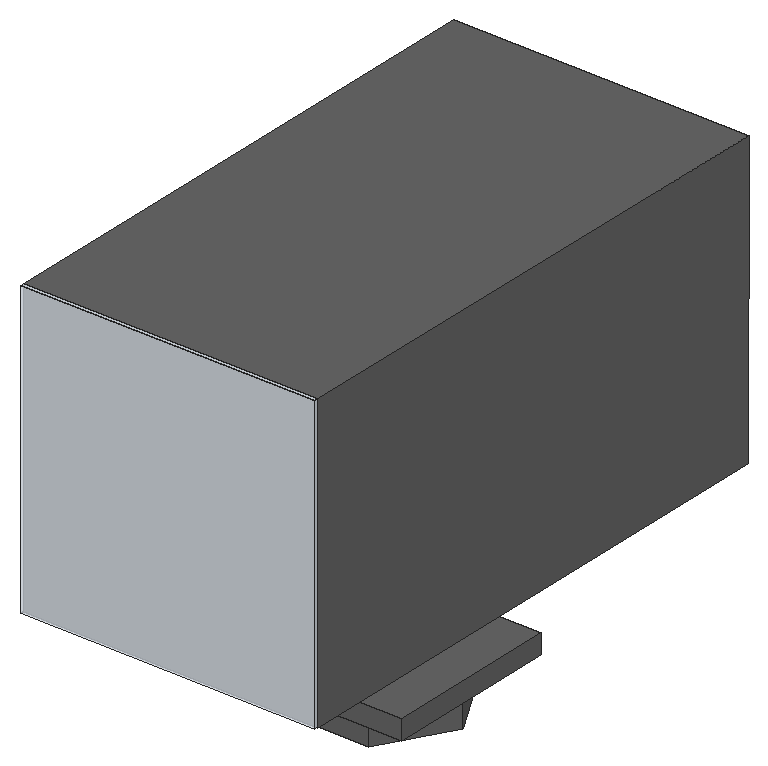
Revit family "LTC-6SQDPH-W", category Lighting Fixtures, host Face, Revit 2017
Family settings
  Host = Face
  Round Connector Dimension = Use Diameter
  Part Type = Normal
  OmniClass Number = 23.80.70.11.14.11
  OmniClass Title = Downlights
  Cut with Voids When Loaded = No
  Light Source = Yes
  Shared = No
  Room Calculation Point = No
Parameters (values of type "LTC-6SQDPH-W")
  Wattage Comments = "8-52W"  # constant formula
  Wattage = 70 W
  Warranty = "• 5 year warranty\r\n• See HLI Standard Warranty for\r\nadditional information"  # constant formula
  built-in parameter 1150110 = 1 (stored number, unit not read)
  Voltage = 120 V
  built-in parameter 1114217 = 1 (stored number, unit not read)
  Tilt Angle = -90.00°  # constant formula
  built-in parameter 1150109 = 1 (stored number, unit not read)
  built-in parameter 1150134 = 3
  built-in parameter 1150113 = 1 (stored number, unit not read)
  Recessed = yes
  Photometric Web File = "LTC-6SQDPH-P-20L35K8MD-PM-S-BL.ies"
  Features = "•\t6 inch architectural LED downlight cylinder delivering 600–2000 lm \r\n•\tFive beam distributions from 0.4 to 1.2 Spacing Criteria\r\n•\tQuiet reflector appearance with 50º optical cutoff\r\n•\t2700K - 5000K, 80+ and 90+ CRI options \r\n•\tAvailable in Surface, Wall, Pendant, or Cable/Cord Mount configurations\r\n•\tVersatile canopy options for recessed and surface-mounted J-box applications \r\n•\tPowerHUBB™ enables low-voltage wired connectivity for Power over Ethernet (PoE) network system deployment\r\n"  # constant formula
  built-in parameter 1150105 = -12994800 (stored number, unit not read)
  Lumens = 4900 lm
  built-in parameter 1150115 = 1 (stored number, unit not read)
  built-in parameter 1150137 = (empty or 0)
  built-in parameter 1150139 = (empty or 0)
  built-in parameter 1150112 = 1 (stored number, unit not read)
  built-in parameter 1150114 = 1 (stored number, unit not read)
  built-in parameter 1150132 = (empty or 0)
  built-in parameter 1150102 = (empty or 0)
  built-in parameter 1150107 = 3200 (stored number, unit not read)
  built-in parameter 1150138 = (empty or 0)
  built-in parameter 1150106 = -129948 (stored number, unit not read)
  Emit from Rectangle Width = 7.500"  # constant formula
  Emit from Rectangle Length = 7.500"  # constant formula
  Emit Shape Visible in Rendering = no
  built-in parameter 1150104 = 6.5032 (stored number, unit not read)
  Distance = 10.470"
  Dimming Lamp Color Temperature Shift = <None>
  Copyright = "© 2021 Prescolite, a division of Hubbell Lighting, Inc"  # constant formula
  Contact us = "https://www.hubbell.com/prescolite/en/contactUs"
  Color Filter = 16777215
  Certifications = "• cCSAus certified to UL 1598\r\n• Wall Mount: Suitable for wet locations\r\n• Surface & Pendant Mount: Suitable for wet\r\nlocations under covered ceiling\r\n• Cord Mount and all Wall Wash: Suitable for\r\ndamp locations"  # constant formula
  Canopy Height = 0.500"
  Canopy Distance = 4.500"
  built-in parameter 1114218 = 1 (stored number, unit not read)
  Ballast = Paint - Hubbell - Carbon Black
  URL = "http://www.prescolite.com/"
  Product Page URL = "https://www.hubbell.com/prescolite/en/Products/Lighting-Controls/Commercial-Indoor-Lighting/Cylinder/LITEISTRY-6-Square-Cylinder-Downlight-wPowerHUBB/p/3775909"
  Product Documentation Link = "https://hubbellcdn.com/specsheet/LTC-6SQDPH%20PowerHUBB.pdf"
  Model = "LTC-6SQDPH"  # constant formula
  Manufacturer = "Prescolite"  # constant formula
  Lamp = "LED Lamp"
  Reflector = Glass - Hubbell - Glass
  Description = "LITEISTRY™ 6inch Square Cylinder with Powerhubb "  # constant formula
  Default Elevation = 48.000"
  Backbox = Hubbell - Matt Black
  built-in parameter 1150133 = 10 (stored number, unit not read)
  Apparent Load = 72 VA  # constant formula
Types (3): name | Recessed | Distance | Canopy Height | Canopy Distance
  (no name) | yes | 10.470" | 0.500" | 4.500"
  LTC-6SQDPH-W | yes | 10.470" | 0.500" | 4.500"
  LTC-6SQDPH-WCC | no | 12.690" | 3.000" | 5.740"
Reference planes (in)
  plane 1 "Center (Front/Back)": y = 0
  plane 2: z = 0
  plane 3 "Center (Left/Right)": x = 0
  plane 4: z = 2.88
  plane 5: x = -2.8505
  plane 6: x = 2.7495
  plane 7: x = 2.25
  plane 8: x = -2.25
  plane 9: z = 0.5
  plane 10: y = 2.25
  plane 11: y = -2.25
  plane 12: y = 7
  plane 13: y = -7
  plane 14: z = 10.47
  plane 15: x = 3.795
  plane 16: x = -3.795
  plane 17: z = 6.675
Forms (in)
  Extrusion 1, solid, material "Hubbell - Matt Black" <- "Backbox"
    sketch origin (-0.0505, 0.00841, 1.00792) x (0, 1, 0) y (0, 0, 1)
      loop
        line (2.24159, -1.00792) -> (2.24159, -0.50792) -> (-2.25841, -0.50792) -> (-2.25841, -1.00792) -> (2.24159, -1.00792)
    from -2.1995 to 2.3005
  Extrusion 2, solid, material "Paint - Hubbell - Carbon Black" <- "Ballast"
    sketch origin (-0.0505, 0.00841, 0) x (0, 1, 0) y (0, 0, 1)
      loop
        line (0.97237, 0.3077) -> (0.97237, 6.675) -> (-1.03763, 6.675) -> (-1.03763, 0.3077) -> (0.97237, 0.3077)
    from -0.88539 to 0.81657
  Extrusion 3, solid, material "Paint - Hubbell - Carbon Black" <- "Ballast"
    sketch origin (-0.0505, 1, 2.18) x (0, 1, 0) y (0, 0, 1)
      loop
        line (6, 8.29) -> (-7.89784, 8.29) -> (-7.89784, 0.7) -> (6, 0.7) -> (6, 8.29)
    from -3.7445 to 3.8455
  Extrusion 4, solid, material "Glass - Hubbell - Glass" <- "Reflector"
    sketch origin (-0.0505, -0.89784, 3.28125) x (1, 0, 0) y (0, 0, 1)
      loop
        line (-3.7445, -0.40125) -> (3.8455, -0.40125) -> (3.8455, 7.18875) -> (-3.7445, 7.18875) -> (-3.7445, -0.40125)
    from 6 to 6.1
  Extrusion 5, solid, material "Paint - Hubbell - Carbon Black" <- "Ballast", visible <- "Recessed"
    sketch origin (7.83986, -180, 7.93836) x (-1, 0, 0) y (0, -1, 0)
      loop
        line (8.85023, -181.75) -> (9.86059, -180) -> (8.85023, -178.25) -> (6.8295, -178.25) -> (5.81914, -180) -> (6.8295, -181.75) -> (8.85023, -181.75)
    from -8.7365 to -7.93836
Dimensions and locks (in)
  locked: Extrusion 2 sketch curve to Extrusion 2 sketch curve at 2.01
  equal spacing: plane 7, plane 3 "Center (Left/Right)", plane 8
  "Canopy Distance": plane 7 to plane 8
  "Canopy Height": plane 9 to host face
  equal spacing: plane 10, plane 1 "Center (Front/Back)", plane 11
  "Canopy Distance": plane 10 to plane 11
  "Distance": plane 14 to plane 2
  plane 14 to plane 4 = 7.590"
  locked: plane 14 to plane 17 at 3.795
  aligned and locked: plane 2 to host face
  aligned and locked: plane 3 "Center (Left/Right)" to imposter light
  aligned and locked: plane 4 to Extrusion 3 sketch curve
  aligned and locked: Extrusion 3 to Extrusion 4  (x2)
  aligned and locked: Extrusion 1 to plane 9
  aligned and locked: plane 7 to Extrusion 1
  aligned and locked: Extrusion 1 to plane 8
  aligned and locked: Extrusion 1 to plane 10
  aligned and locked: plane 11 to Extrusion 1
  aligned and locked: Extrusion 3 sketch curve to plane 14
  aligned and locked: plane 14 to Extrusion 4
  aligned and locked: Extrusion 4 to plane 16
  aligned and locked: Extrusion 3 to plane 16
  aligned and locked: plane 15 to Extrusion 4
  aligned and locked: plane 15 to Extrusion 3
  aligned and locked: plane 17 to imposter light
  aligned and locked: plane 17 to Extrusion 2
  aligned and locked: level to Extrusion 5
Automatic sketch dimensions
  host sketch curve to host sketch curve = 96.000"  (x2)
  Extrusion 1 sketch curve to level = 0.000"
  plane 9 to Extrusion 1 sketch curve = 0.000"
  level to Extrusion 2 sketch curve = 0.3077"
  Extrusion 2 sketch curve to plane 9 = 6.175"
  Extrusion 4 sketch curve to plane 5 = 0.9445"
  plane 6 to Extrusion 4 sketch curve = 1.0455"
  Extrusion 4 sketch curve to Extrusion 4 sketch curve = 7.590"
  plane 1 "Center (Front/Back)" to Extrusion 1 sketch curve = 2.250"
  Extrusion 1 sketch curve to plane 1 "Center (Front/Back)" = 2.250"
  plane 1 "Center (Front/Back)" to Extrusion 2 sketch curve = 1.02922"
  plane 1 "Center (Front/Back)" to Extrusion 3 sketch curve = 6.89784"
  Extrusion 3 sketch curve to plane 1 "Center (Front/Back)" = 7.000"
  Extrusion 4 sketch curve to plane 9 = 2.380"
Connectors (in)
  electrical at (0, 0, 0), driven by "Description", driven by "Voltage", driven by "Apparent Load"
    settings: index 1, voltage 120 V, apparent load 72 VA, apparent load phase1 0 VA, apparent load phase2 0 VA, apparent load phase3 0 VA, power factor 1, load classification "Other", number of poles 1, system type 30, power factor state 1, is connector primary yes, connector utility no, sub classification motor no, connector description "LITEISTRY™ 6inch Square Cylinder with Powerhubb "
